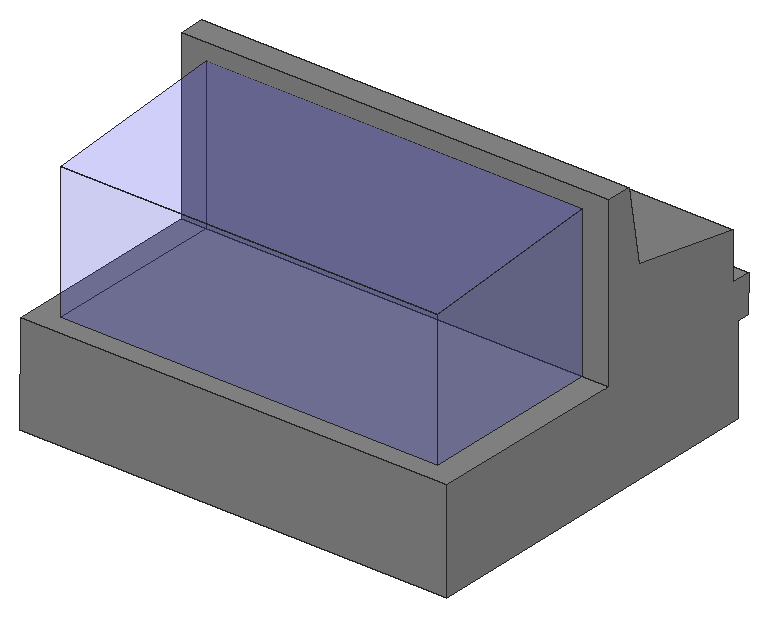
Revit family "1768c741c9974bb9b0823317b5d4cea9", category Lighting Fixtures, host Face, Revit 2021
Family settings
  Host = Face
  Round Connector Dimension = Use Diameter
  Part Type = Normal
  OmniClass Number = 23.80.70.14.11.17
  OmniClass Title = Wall or Ceiling Mounted External Lighting
  Seek Item ID = Wall Pack Light - Exterior-0000-USA-ENU
  Cut with Voids When Loaded = No
  Light Source = Yes
  Shared = No
  Room Calculation Point = No
Parameters (values of type "120V")
  Wattage = 70 W
  Wall Mount Material = Metal - Paint Finish - Dark Grey, Matte
  built-in parameter 1150110 = 1 (stored number, unit not read)
  built-in parameter 1150109 = 1 (stored number, unit not read)
  built-in parameter 1150134 = 12
  built-in parameter 1150113 = 1 (stored number, unit not read)
  Tilt Angle = -90.00°
  Shade Material = Glass
  Photometric Web File = "WPE1MH.IES"
  Lumens = 5499.9 lm
  built-in parameter 1114217 = 1 (stored number, unit not read)
  built-in parameter 1150115 = 1 (stored number, unit not read)
  built-in parameter 1150105 = 437.67 (stored number, unit not read)
  Load Classification = Lighting - Exterior
  built-in parameter 1150137 = 1
  built-in parameter 1150139 = (empty or 0)
  built-in parameter 1150112 = 1 (stored number, unit not read)
  built-in parameter 1150114 = 1 (stored number, unit not read)
  built-in parameter 1150132 = (empty or 0)
  built-in parameter 1150102 = (empty or 0)
  built-in parameter 1150138 = (empty or 0)
  built-in parameter 1150107 = 4000 (stored number, unit not read)
  built-in parameter 1150106 = 4.3767 (stored number, unit not read)
  built-in parameter 1150104 = 7.2994 (stored number, unit not read)
  Dimming Lamp Color Temperature Shift = <None>
  Color Filter = 16777215
  Ballast Voltage = 120 V
  Ballast Number of Poles = 1
  Default Elevation = 9' - 0"
  built-in parameter 1140040 [instance] = 1
  built-in parameter 1114218 = 1 (stored number, unit not read)
  built-in parameter 1150133 = 10 (stored number, unit not read)
  Apparent Load = 70 VA
Types (3): name | Ballast Voltage
  (no name) | 120 V
  120V | 120 V
  277V | 277 V
Reference planes (in)
  plane 1 "Center (Front/Back)": y = 0
  plane 2: z = 0
  plane 3 "Center (Left/Right)": x = 0
  plane 4: y = 7.25
  plane 5: y = -7.25
  plane 6: z = 3.5
  plane 7: y = 7.75
  plane 8: z = 5
  plane 9: y = 7
  plane 10: z = 6.875
  plane 11: y = 2.3125
  plane 12: z = 7.6875
  plane 13: z = 10.65625
  plane 14: y = 1.78125
  plane 15: z = 4
  plane 16: x = -8.5
  plane 17: x = 8.5
  plane 18: y = -6.46875
  plane 19: y = 0.78125
  plane 20: z = 10
  plane 21: z = 9.40234
  plane 22: x = -7.5
  plane 23: x = 7.5
Forms (in)
  Extrusion 1, solid, material "Metal - Paint Finish - Dark Grey, Matte" <- "Wall Mount Material"
    sketch origin (0, 0, 0) x (0, 1, 0) y (0, 0, 1)
      loop
        line (7.25, 3.5) -> (7.75, 3.5) -> (7.75, 5) -> (7, 5) -> (7, 6.875) -> (2.3125, 7.6875) -> (1.78125, 10.65625) -> (0.78125, 10.65625) -> (0.78125, 4) -> (-7.25, 4) -> (-7.25, 0) -> (7.25, 0) -> (7.25, 3.5)
    from -8.5 to 8.5
  Extrusion 2, solid, material "Glass" <- "Shade Material"
    sketch origin (0, 0, 0) x (0, 1, 0) y (0, 0, 1)
      loop
        line (0.78125, 10) -> (-6.46875, 9.40234) -> (-6.46875, 4) -> (0.78125, 4) -> (0.78125, 10)
    from -7.5 to 7.5
  Extrusion 3, solid, material "Metal - Paint Finish - Dark Grey, Matte" <- "Wall Mount Material"
    sketch origin (0, 0, 0) x (1, 0, 0) y (0, 1, 0)
      loop
        circle (0, 0) r 1
    from 0 to 3.5
Cuts and joins
  joined: Extrusion 1, Extrusion 3
Lines and regions (in)
  symbolic lines
    curve 1: line (-8.5, 0, 10.65625) -> (8.5, 0, 10.65625)
    curve 2: line (-8.5, 0, 3.5) -> (-8.5, 0, 10.65625)
    curve 3: line (8.5, 0, 3.5) -> (-8.5, 0, 3.5)
    curve 4: line (8.5, 0, 10.65625) -> (8.5, 0, 3.5)
    curve 6: line (-8.5, 0, 0) -> (8.5, 0, 0)
    curve 9: line (-8.5, 0, 0) -> (8.5, 0, 0)
  symbolic lines, detail levels coarse+medium
    curve 5: line (0, 0, 3.5) -> (0, 0, 0)
  symbolic lines, detail levels fine
    curve 7: line (8.5, 0, 10.65625) -> (-8.5, 0, 10.65625)
    curve 8: line (8.5, 0, 0) -> (8.5, 0, 10.65625)
    curve 10: line (-8.5, 0, 10.65625) -> (-8.5, 0, 0)
Dimensions and locks (in)
  locked: plane 4 to plane 1 "Center (Front/Back)" at 7.25
  locked: plane 1 "Center (Front/Back)" to plane 5 at 7.25
  locked: plane 6 to plane 2 at 3.5
  locked: plane 7 to plane 4 at 0.5
  locked: plane 8 to plane 6 at 1.5
  locked: plane 7 to plane 9 at 0.75
  locked: plane 10 to plane 2 at 6.875
  locked: plane 9 to plane 11 at 4.6875
  locked: plane 12 to plane 2 at 7.6875
  locked: plane 13 to plane 2 at 10.65625
  locked: plane 15 to plane 2 at 4
  locked: plane 16 to plane 17 at 17
  equal spacing: plane 16, plane 3 "Center (Left/Right)", plane 17
  locked: plane 9 to plane 14 at 5.21875
  locked: plane 14 to plane 19 at 1
  locked: plane 19 to plane 18 at 7.25
  locked: plane 20 to plane 15 at 6
  locked: plane 21 to plane 15 at 5.40234
  locked: plane 16 to plane 22 at 1
  locked: plane 23 to plane 17 at 1
  aligned and locked: plane 2 to host face
  aligned and locked: level to host face
  aligned and locked: Extrusion 1 to plane 16
  aligned and locked: plane 17 to Extrusion 1
  aligned and locked: Extrusion 1 sketch curve to plane 19
  aligned and locked: plane 20 to Extrusion 2 sketch curve
  aligned and locked: Extrusion 2 sketch curve to plane 19
  aligned and locked: plane 15 to Extrusion 2 sketch curve
  aligned and locked: plane 18 to Extrusion 2 sketch curve  (x2)
  aligned and locked: plane 19 to Extrusion 2 sketch curve
  aligned and locked: Extrusion 2 sketch curve to plane 15
  aligned and locked: plane 21 to Extrusion 2 sketch curve
  aligned and locked: Extrusion 2 to plane 22
  aligned and locked: plane 23 to Extrusion 2
  aligned and locked: plane 1 "Center (Front/Back)" to Extrusion 3 sketch curve
  aligned and locked: plane 3 "Center (Left/Right)" to Extrusion 3 sketch curve
  aligned and locked: Extrusion 3 to plane 2
  aligned and locked: plane 6 to Extrusion 3
  aligned and locked: plane 16 to curve 1
  aligned and locked: curve 1 to plane 13
  aligned and locked: cut or joined group of Extrusion 1, Extrusion 3 to curve 4
  aligned and locked: curve 4 to plane 17
  aligned and locked: plane 6 to curve 5
  aligned and locked: plane 2 to curve 5
  aligned and locked: curve 5 to plane 3 "Center (Left/Right)"
  aligned and locked: plane 17 to curve 6
  aligned and locked: plane 16 to curve 6
  aligned and locked: curve 6 to plane 2
  aligned and locked: plane 3 "Center (Left/Right)" to imposter light
  aligned and locked: plane 1 "Center (Front/Back)" to imposter light
  aligned and locked: plane 15 to imposter light
Automatic sketch dimensions
  host sketch curve to host sketch curve = 8' - 0"  (x2)
  Extrusion 1 sketch curve to level = 0' - 0"
  Extrusion 1 sketch curve to plane 5 = 0' - 0"
  Extrusion 1 sketch curve to plane 13 = 0' - 0"
  Extrusion 1 sketch curve to plane 14 = 0' - 0"
  Extrusion 1 sketch curve to plane 11 = 0' - 0"
  Extrusion 1 sketch curve to plane 8 = 0' - 0"
  Extrusion 1 sketch curve to plane 9 = 0' - 0"
  Extrusion 1 sketch curve to plane 4 = 0' - 0"
  Extrusion 1 sketch curve to plane 6 = 0' - 0"
  Extrusion 1 sketch curve to plane 7 = 0' - 0"
  Extrusion 1 sketch curve to plane 15 = 0' - 0"
  Extrusion 1 sketch curve to plane 10 = 0' - 0"
  Extrusion 1 sketch curve to plane 12 = 0' - 0"
  radius of Extrusion 3 sketch curve = 0' - 1"
Connectors (in)
  electrical at (0, 0, 0), driven by "Apparent Load", driven by "Ballast Voltage", driven by "Ballast Number of Poles", driven by "Load Classification"
    settings: on Extrusion 3, index 1, voltage 120 V, apparent load 0 VA, apparent load phase1 70 VA, apparent load phase2 0 VA, apparent load phase3 0 VA, power factor 0.95, load classification "Lighting - Exterior", number of poles 1, system type 31, power factor state 1, is connector primary yes, connector utility no, sub classification motor no, connector description ""
